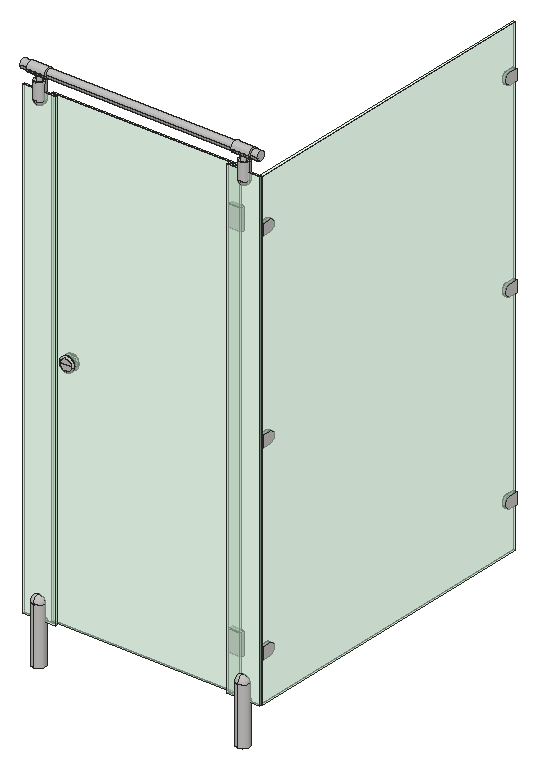
Revit family "NBS_ConceptCubicleSystems_PnlCbclSym_OlympusGlass", category Specialty Equipment, Revit 2019
Family settings
  Round Connector Dimension = Use Diameter
  Part Type = Normal
  Work Plane-Based = No
  Always vertical = Yes
  Cut with Voids When Loaded = No
  Shared = No
  Room Calculation Point = No
Parameters (values of type "MiddleCubicle")
  WarrantyStartDate [instance] = "1900-12-31T23:59:59"
  WarrantyGuarantorParts = "n/a"
  WarrantyGuarantorLabor = "n/a"
  WarrantyDurationUnit = "year"
  WarrantyDurationParts = "n/a"
  WarrantyDurationLabor = "n/a"
  WarrantyDescription = "n/a"
  Version = "2"  # constant formula
  Uniclass2015Version = "Systems v1.17"
  Uniclass2015Title = "Panel cubicle systems"
  Uniclass2015Code = "Ss_25_12_60_60"
  TagNumber [instance] = "n/a"
  SystemManufacturer = "Concept Cubicle Systems"
  SustainabilityPerformance = "n/a"
  SupportHeight [instance] = if(PartitionUndercut < 2 mm, 2 mm, PartitionUndercut)  # 150 mm
  Style = "Cubicle"
  Status = "UNSET"
  Size = "1200 x 1950 mm"
  ShowCubicleLocationLines [instance] = yes
  Shape = "n/a"
  SerialNumber [instance] = "n/a"
  Revision = "n/a"
  ReverseDoorSwing [instance] = no
  ReplacementCost = "n/a"
  Reference = "n/a"
  ProductInformation = "https://www.conceptcubiclesystems.co.uk/leisure/cubicles/olympus-glass-cubicles"
  PilasterWidthLatchSide [instance] = CubicleWidth - ClearOpeningWidth - PilasterWidthHingeSide  # 125 mm
  PilasterRightWidth [instance] = if(HasDoorCentrePosition, (CubicleWidth - ClearOpeningWidth) / 2, if(ReversedDoorSwing, PilasterWidthHingeSide, PilasterWidthLatchSide))  # 125 mm
  PilasterPanelReturnRight = if(HasPilasterPanelReturnRight, GlassThickness / 2, 0 mm)  # 0 mm
  PilasterPanelReturnLeft = if(HasPilasterPanelReturnLeft, GlassThickness / 2, 0 mm)  # 0 mm
  PilasterMaterial = NBS_ConceptCubicleSystems_ToughenedGlass
  PilasterLeftWidth [instance] = if(HasDoorCentrePosition, (CubicleWidth - ClearOpeningWidth) / 2, if(ReverseDoorSwing, PilasterWidthHingeSide, PilasterWidthLatchSide))  # 125 mm
  PartitionMaterial = NBS_ConceptCubicleSystems_ToughenedGlass
  PartitionUndercut [instance] = 150 mm
  Panels = "10 mm toughened glass"
  PanelSupports = "150 mm"
  Name = "PanelCubicleSystem_OlympusGlass_MiddleCubicle_ConceptCubicleSystems"
  NBSReference = "25-05-60/160"
  NBSDescription = "Panel cubicle system"
  NBSCertification = "www.nationalbimlibrary.com/cert/zrjpogql"
  ModelReference = "Olympus Glass Cubicles"
  ModelNumber = "n/a"
  Material = "Toughened glass, stainless steel"
  ManufacturerURL = "www.conceptcubiclesystems.co.uk"
  ManufacturerName = "Concept Cubicle Systems"  # constant formula
  Manufacturer = "sales@conceptcubiclesystems.co.uk"
  MainColor = "n/a"
  IsWallEndEndCubicle = no
  IsBuiltIn = yes
  InstallationDate [instance] = "1900-12-31T23:59:59"
  IfcExportType = "USERDEFINED"  # constant formula
  IfcExportAs = "IfcFurnitureType"  # constant formula
  HasSupportPartitionRight = or(IsSingleCubicle, IsEndCubicle, IsWallEndSingleCubicle)  # no
  HasSupportPartitionLeft = or(IsSingleCubicle, IsFirstCubicle)  # no
  HasRailRight = or(IsEndCubicle, IsWallEndSingleCubicle)  # no
  HasRailFront = or(IsWallEndFirstCubicle, IsWallToWallSingleCubicle, IsMiddleCubicle, IsWallEndEndCubicle)  # yes
  Grade = "n/a"
  GlassThickness = 10 mm  # constant formula
  PilasterUndercut [instance] = 150 mm
  NominalWidth [instance] = CubicleWidth  # 900 mm
  NominalLength [instance] = CubicleWidth  # 900 mm
  NominalHeight [instance] = CubicleHeight  # 1950 mm
  NominalDepth [instance] = CubicleDepth  # 1200 mm
  ReversedDoorSwing [instance] = not(ReverseDoorSwing)  # yes
  IsWallEndSingleCubicle = no
  IsWallEndFirstCubicle = no
  IsSingleCubicle = no
  IsWallToWallSingleCubicle = no
  PilasterWidthHingeSide [instance] = 125 mm
  IsMiddleCubicle = yes
  IsFirstCubicle = no
  IsEndCubicle = no
  HasPilasterPanelReturnRight = or(IsSingleCubicle, IsEndCubicle, IsWallEndSingleCubicle)  # no
  HasPilasterPanelReturnLeft = or(IsSingleCubicle, IsFirstCubicle)  # no
  HasPartitionRight = not(or(IsWallToWallSingleCubicle, IsWallEndEndCubicle))  # yes
  HasPartitionLeft = or(IsSingleCubicle, IsFirstCubicle)  # no
  HasFittingsRight = or(IsWallToWallSingleCubicle, IsWallEndEndCubicle)  # no
  HasFittingsLeft = or(IsWallToWallSingleCubicle, IsWallEndSingleCubicle, IsWallEndFirstCubicle)  # no
  HasDoorCentrePosition [instance] = yes
  Fittings = "Marine grade stainless steel"
  FittingOffset [instance] = if(PartitionUndercut > PilasterUndercut, PartitionUndercut + 180 mm, PilasterUndercut + 180 mm)  # 330 mm
  FittingMaterial = NBS_ConceptCubicleSystems_MarineGradeStainlessSteel
  Finish = "n/a"
  Features = "Polished edges, use of materials will help cope with the demands of high use shower facilities"
  ExpectedLife = "n/a"
  DurationUnit = "year"
  DoorSwing [instance] = ClearOpeningWidth + 75.5 mm + GlassThickness / 2  # 730.5 mm
  DoorLeafMaterial = NBS_ConceptCubicleSystems_ToughenedGlass
  DoorLeafHeight [instance] = CubicleHeight - DoorLeafUndercut  # 1800 mm
  DoorLeafUndercut [instance] = 150 mm
  Description = "Olmypus glass cubicles"
  CubicleWidth [instance] = 900 mm
  CubicleHeight [instance] = 1950 mm
  CubicleDepth [instance] = 1200 mm
  Constituents = "n/a"
  Color = "n/a"
  CodePerformance = "n/a"
  ClearOpeningWidth [instance] = 650 mm
  ClearOpeningHeight [instance] = CubicleHeight + 53 mm  # 2003 mm
  Category = "Ss_25_12_60_60:Panel cubicle systems"
  BarCode [instance] = "n/a"
  BIMObjectName = "NBS_ConceptCubicleSystems_PanelCubicleSystem_OlympusGlass_MiddleCubicle"
  Author = "NBS"  # constant formula
  AssetType = "Fixed"
  AssetIdentifier [instance] = "n/a"
  Application = "Shower facilities in golf clubs, spas, health clubs and leisure centres"
  AccessibilityPerformance = "n/a"
Types (9, lengths in mm): name | ShowCubicleLocationLines | PilasterPanelReturnRight | PilasterPanelReturnLeft | Name | IsWallEndEndCubicle | HasSupportPartitionRight | HasSupportPartitionLeft | HasRailRight | HasRailFront | IsWallEndSingleCubicle | IsWallEndFirstCubicle | IsSingleCubicle | IsWallToWallSingleCubicle | IsMiddleCubicle | IsFirstCubicle | IsEndCubicle | HasPilasterPanelReturnRight | HasPilasterPanelReturnLeft | HasPartitionRight | HasPartitionLeft | HasFittingsRight | HasFittingsLeft | BIMObjectName
  (no name) | no | 5 | 5 | "PanelCubicleSystem_OlympusGlass_SingleCubicle_ConceptCubicleSystems" | no | yes | yes | no | no | no | no | yes | no | no | no | no | yes | yes | yes | yes | no | no | "NBS_ConceptCubicleSystems_PanelCubicleSystem_OlympusGlass_SingleCubicle"
  SingleCubicle | no | 5 | 5 | "PanelCubicleSystem_OlympusGlass_SingleCubicle_ConceptCubicleSystems" | no | yes | yes | no | no | no | no | yes | no | no | no | no | yes | yes | yes | yes | no | no | "NBS_ConceptCubicleSystems_PanelCubicleSystem_OlympusGlass_SingleCubicle"
  WallToWallSingleCubicle | yes | 0 | 0 | "PanelCubicleSystem_OlympusGlass_WallToWallSingleCubicle_ConceptCubicleSystems" | no | no | no | no | yes | no | no | no | yes | no | no | no | no | no | no | no | yes | yes | "NBS_ConceptCubicleSystems_PanelCubicleSystem_OlympusGlass_WallToWallSingleCubicle"
  EndCubicle | yes | 5 | 0 | "PanelCubicleSystem_OlympusGlass_EndCubicle_ConceptCubicleSystems" | no | yes | no | yes | no | no | no | no | no | no | no | yes | yes | no | yes | no | no | no | "NBS_ConceptCubicleSystems_PanelCubicleSystem_OlympusGlass_EndCubicle"
  FirstCubicle | yes | 0 | 5 | "PanelCubicleSystem_OlympusGlass_FirstCubicle_ConceptCubicleSystems" | no | no | yes | no | no | no | no | no | no | no | yes | no | no | yes | yes | yes | no | no | "NBS_ConceptCubicleSystems_PanelCubicleSystem_OlympusGlass_FirstCubicle"
  WallEndFirstCubicle | yes | 0 | 0 | "PanelCubicleSystem_OlympusGlass_WallEndFirstCubicle_ConceptCubicleSystems" | no | no | no | no | yes | no | yes | no | no | no | no | no | no | no | yes | no | no | yes | "NBS_ConceptCubicleSystems_PanelCubicleSystem_OlympusGlass_WallEndFirstCubicle"
  WallEndSingleCubicle | yes | 5 | 0 | "PanelCubicleSystem_OlympusGlass_WallEndSingleCubicle_ConceptCubicleSystems" | no | yes | no | yes | no | yes | no | no | no | no | no | no | yes | no | yes | no | no | yes | "NBS_ConceptCubicleSystems_PanelCubicleSystem_OlympusGlass_WallEndSingleCubicle"
  MiddleCubicle | yes | 0 | 0 | "PanelCubicleSystem_OlympusGlass_MiddleCubicle_ConceptCubicleSystems" | no | no | no | no | yes | no | no | no | no | yes | no | no | no | no | yes | no | no | no | "NBS_ConceptCubicleSystems_PanelCubicleSystem_OlympusGlass_MiddleCubicle"
  WallEndEndCubicle | yes | 0 | 0 | "PanelCubicleSystem_OlympusGlass_WallEndEndCubicle_ConceptCubicleSystems" | yes | no | no | no | yes | no | no | no | no | no | no | no | no | no | no | no | yes | no | "NBS_ConceptCubicleSystems_PanelCubicleSystem_OlympusGlass_WallEndEndCubicle"
Reference planes
  plane 1 "Back": y = 0
  plane 2: z = 0
  plane 3 "Center (Left/Right)": x = 0
  plane 4 "Front": y = -1210
  plane 5 "PilasterBack": y = -1200
  plane 6 "CubicleLeft": x = -450
  plane 7 "CubicleRight": x = 450
  plane 8 "LeftPartitionExternal": x = -455
  plane 9 "LeftPartitionInternal": x = -445
  plane 10 "RightPartitionExternal": x = 455
  plane 11 "RightPartitionInternal": x = 445
  plane 12 "ClearOpeningLeft": x = -325
  plane 13 "ClearOpeningRight": x = 325
  plane 14 "PilasterLeft": x = -450
  plane 15 "PilasterRight": x = 450
  plane 16 "DoorSwing": y = -474.5
  plane 17 "PilasterCentre": y = -1205
  plane 18 "Top": z = 1950
  plane 19: z = 1770
  plane 20 "PartitionFitting": z = 330
  plane 21: z = 1050
  plane 22 "PartitionElevation": z = 150
  plane 23 "Left": x = -450
  plane 24 "Right": x = 450
  plane 25 "PilasterElevation": z = 150
  plane 26 "PilasterFitting": z = 330
  plane 27 "Fitting": z = 330
  plane 28: x = -387.5
  plane 29: x = 387.5
  plane 30: y = -950
  plane 31: y = -200
  plane 32 "Rail": z = 2019
Forms (mm)
  Extrusion 1, solid, material "NBS_ConceptCubicleSystems_ToughenedGlass" <- "PartitionMaterial", visible <- "HasPartitionLeft", detail levels medium+fine
    sketch origin (0, 0, 0) x (1, 0, 0) y (0, 1, 0)
      loop
        line (-455, 0) -> (-455, -1200) -> (-445, -1200) -> (-445, 0) -> (-455, 0)
    from 150 to 1950
  Extrusion 2, solid, material "NBS_ConceptCubicleSystems_ToughenedGlass" <- "PartitionMaterial", visible <- "HasPartitionRight", detail levels medium+fine
    sketch origin (0, 0, 0) x (1, 0, 0) y (0, 1, 0)
      loop
        line (445, 0) -> (445, -1200) -> (455, -1200) -> (455, 0) -> (445, 0)
    from 150 to 1950
  Extrusion 3, solid, material "NBS_ConceptCubicleSystems_ToughenedGlass" <- "PilasterMaterial", detail levels medium+fine
    sketch origin (0, 0, 0) x (1, 0, 0) y (0, 1, 0)
      loop
        line (-450, -1200) -> (-450, -1210) -> (-325, -1210) -> (-325, -1200) -> (-450, -1200)
    from 150 to 1950
  Extrusion 4, solid, material "NBS_ConceptCubicleSystems_ToughenedGlass" <- "PilasterMaterial", detail levels medium+fine
    sketch origin (0, 0, 0) x (1, 0, 0) y (0, 1, 0)
      loop
        line (325, -1200) -> (325, -1210) -> (450, -1210) -> (450, -1200) -> (325, -1200)
    from 150 to 1950
  Extrusion 5, solid, material "NBS_ConceptCubicleSystems_ToughenedGlass" <- "PartitionMaterial", visible <- "HasPartitionLeft", detail levels coarse
    sketch origin (0, 0, 0) x (1, 0, 0) y (0, 1, 0)
      loop
        line (-455, 0) -> (-455, -1200) -> (-445, -1200) -> (-445, 0) -> (-455, 0)
    from 150 to 1950
  Extrusion 6, solid, material "NBS_ConceptCubicleSystems_ToughenedGlass" <- "PartitionMaterial", visible <- "HasPartitionRight", detail levels coarse
    sketch origin (0, 0, 0) x (1, 0, 0) y (0, 1, 0)
      loop
        line (445, 0) -> (445, -1200) -> (455, -1200) -> (455, 0) -> (445, 0)
    from 150 to 1950
  Extrusion 7, solid, material "NBS_ConceptCubicleSystems_ToughenedGlass" <- "PilasterMaterial", detail levels coarse
    sketch origin (0, 0, 0) x (1, 0, 0) y (0, 1, 0)
      loop
        line (-450, -1200) -> (-450, -1210) -> (-325, -1210) -> (-325, -1200) -> (-450, -1200)
    from 150 to 1950
  Extrusion 8, solid, material "NBS_ConceptCubicleSystems_ToughenedGlass" <- "PilasterMaterial", detail levels coarse
    sketch origin (0, 0, 0) x (1, 0, 0) y (0, 1, 0)
      loop
        line (325, -1200) -> (325, -1210) -> (450, -1210) -> (450, -1200) -> (325, -1200)
    from 150 to 1950
  Sweep 9, solid, material "NBS_ConceptCubicleSystems_MarineGradeStainlessSteel" <- "FittingMaterial", visible <- "IsSingleCubicle"
    path origin (0, 0, 2019) x (0, 1, 0) y (-1, 0, 0)
      loop
        line (0, 450) -> (-1185, 450)
        arc (-1185, 450) -> (-1199.142, 444.142) -> (-1205, 430) r 20
        line (-1205, 430) -> (-1205, -430)
        arc (-1205, -430) -> (-1199.142, -444.142) -> (-1185, -450) r 20
        line (-1185, -450) -> (0, -450)
    profile origin (-450, -592.5, 2019) x (1, 0, 0) y (0, 0, 1)
      loop
        circle (0, 0) r 16
  Sweep 10, solid, material "NBS_ConceptCubicleSystems_MarineGradeStainlessSteel" <- "FittingMaterial", visible <- "IsFirstCubicle"
    path origin (0, 0, 2019) x (0, 1, 0) y (-1, 0, 0)
      loop
        line (0, 450) -> (-1185, 450)
        arc (-1185, 450) -> (-1199.142, 444.142) -> (-1205, 430) r 20
        line (-1205, 430) -> (-1205, -450)
    profile origin (-450, -592.5, 2019) x (1, 0, 0) y (0, 0, 1)
      loop
        circle (0, 0) r 16
  Sweep 11, solid, material "NBS_ConceptCubicleSystems_MarineGradeStainlessSteel" <- "FittingMaterial", visible <- "HasRailRight"
    path origin (0, 0, 2019) x (0, 1, 0) y (-1, 0, 0)
      loop
        line (0, -450) -> (-1185, -450)
        arc (-1185, -450) -> (-1199.142, -444.142) -> (-1205, -430) r 20
        line (-1205, -430) -> (-1205, 450)
    profile origin (450, -592.5, 2019) x (1, 0, 0) y (0, 0, 1)
      loop
        circle (0, 0) r 16
  Extrusion 12, solid, material "NBS_ConceptCubicleSystems_MarineGradeStainlessSteel" <- "FittingMaterial", visible <- "HasRailFront"
    sketch origin (0, 0, 0) x (0, 1, 0) y (0, 0, 1)
      loop
        circle (-1205, 2019) r 16
    from -450 to 450
Lines and regions (mm)
  symbolic lines, visible <- "HasPartitionLeft", detail levels coarse
    curve 1: line (-450, 0, 0) -> (-450, -1200, 0)
  symbolic lines, detail levels coarse
    curve 2: line (-325, -1200, 0) -> (-450, -1200, 0)
    curve 3: line (325, -1200, 0) -> (450, -1200, 0)
  symbolic lines, visible <- "HasPartitionRight", detail levels coarse
    curve 4: line (450, -1200, 0) -> (450, 0, 0)
  symbolic lines, style "SpecialityEquipmentHiddenLines", visible <- "ShowCubicleLocationLines"
    curve 5: line (450, -1200, 0) -> (450, 0, 0)
    curve 6: line (-450, 0, 0) -> (-450, -1200, 0)
Dimensions and locks
  "GlassThickness": plane 5 "PilasterBack" to plane 4 "Front"
  "CubicleDepth": plane 5 "PilasterBack" to plane 1 "Back"
  equal spacing: plane 6 "CubicleLeft", plane 3 "Center (Left/Right)", plane 7 "CubicleRight"
  "CubicleWidth": plane 6 "CubicleLeft" to plane 7 "CubicleRight"
  equal spacing: plane 8 "LeftPartitionExternal", plane 6 "CubicleLeft", plane 9 "LeftPartitionInternal"
  "GlassThickness": plane 8 "LeftPartitionExternal" to plane 9 "LeftPartitionInternal"
  equal spacing: plane 11 "RightPartitionInternal", plane 7 "CubicleRight", plane 10 "RightPartitionExternal"
  "GlassThickness": plane 11 "RightPartitionInternal" to plane 10 "RightPartitionExternal"
  equal spacing: plane 5 "PilasterBack", plane 17 "PilasterCentre", plane 4 "Front"
  "CubicleHeight": plane 18 "Top" to level
  locked: plane 18 "Top" to plane 19 at 180
  "PartitionUndercut": plane 22 "PartitionElevation" to level
  locked: plane 20 "PartitionFitting" to plane 22 "PartitionElevation" at 180
  equal spacing: plane 18 "Top", plane 21, plane 22 "PartitionElevation"
  "PilasterRightWidth": plane 13 "ClearOpeningRight" to plane 7 "CubicleRight"
  "PilasterLeftWidth": plane 6 "CubicleLeft" to plane 12 "ClearOpeningLeft"
  "PilasterPanelReturnLeft": plane 14 "PilasterLeft" to plane 6 "CubicleLeft"
  "PilasterPanelReturnRight": plane 7 "CubicleRight" to plane 15 "PilasterRight"
  "PilasterUndercut": plane 25 "PilasterElevation" to level
  locked: plane 26 "PilasterFitting" to plane 25 "PilasterElevation" at 180
  "FittingOffset": plane 27 "Fitting" to level
  "DoorSwing": plane 16 "DoorSwing" to plane 17 "PilasterCentre"
  equal spacing: plane 6 "CubicleLeft", plane 28, plane 12 "ClearOpeningLeft"
  equal spacing: plane 13 "ClearOpeningRight", plane 29, plane 7 "CubicleRight"
  locked: plane 31 to plane 1 "Back" at 200
  locked: plane 30 to plane 5 "PilasterBack" at 250
  locked: plane 32 "Rail" to plane 18 "Top" at 69
  locked: Sweep 9 sketch curve to plane 17 "PilasterCentre" at 20  (x2)
  locked: Sweep 9 sketch curve to plane 7 "CubicleRight" at 20
  locked: plane 6 "CubicleLeft" to Sweep 9 sketch curve at 20
  locked: Sweep 10 sketch curve to plane 17 "PilasterCentre" at 20
  locked: plane 6 "CubicleLeft" to Sweep 10 sketch curve at 20
  locked: Sweep 11 sketch curve to plane 7 "CubicleRight" at 20
  locked: Sweep 11 sketch curve to plane 17 "PilasterCentre" at 20
  locked: Extrusion 12 sketch curve to plane 32 "Rail" at 16
  aligned and locked: level to plane 2
  aligned and locked: Extrusion 1 sketch curve to plane 8 "LeftPartitionExternal"
  aligned and locked: plane 9 "LeftPartitionInternal" to Extrusion 1 sketch curve
  aligned and locked: Extrusion 2 sketch curve to plane 11 "RightPartitionInternal"
  aligned and locked: plane 10 "RightPartitionExternal" to Extrusion 2 sketch curve
  aligned and locked: Extrusion 3 sketch curve to plane 14 "PilasterLeft"
  aligned and locked: Extrusion 3 sketch curve to plane 12 "ClearOpeningLeft"
  aligned and locked: Extrusion 3 sketch curve to plane 4 "Front"
  aligned and locked: Extrusion 3 sketch curve to plane 5 "PilasterBack"
  aligned and locked: Extrusion 4 sketch curve to plane 13 "ClearOpeningRight"
  aligned and locked: Extrusion 4 sketch curve to plane 15 "PilasterRight"
  aligned and locked: Extrusion 4 sketch curve to plane 5 "PilasterBack"
  aligned and locked: Extrusion 4 sketch curve to plane 4 "Front"
  aligned and locked: nested 1 to plane 13 "ClearOpeningRight"
  aligned and locked: nested 2 to plane 12 "ClearOpeningLeft"
  aligned and locked: plane 5 "PilasterBack" to nested 2
  aligned and locked: plane 18 "Top" to Extrusion 1
  aligned and locked: plane 18 "Top" to Extrusion 2
  aligned and locked: plane 18 "Top" to Extrusion 3
  aligned and locked: plane 18 "Top" to Extrusion 4
  aligned and locked: plane 1 "Back" to Extrusion 1 sketch curve
  aligned and locked: Extrusion 1 sketch curve to plane 5 "PilasterBack"
  aligned and locked: Extrusion 2 sketch curve to plane 5 "PilasterBack"
  aligned and locked: plane 1 "Back" to Extrusion 2 sketch curve
  aligned and locked: plane 1 "Back" to nested 3
  aligned and locked: plane 1 "Back" to nested 4
  aligned and locked: plane 1 "Back" to nested 5
  aligned and locked: plane 6 "CubicleLeft" to nested 5
  aligned and locked: plane 6 "CubicleLeft" to nested 4
  aligned and locked: plane 6 "CubicleLeft" to nested 3
  aligned and locked: plane 1 "Back" to nested 6
  aligned and locked: plane 1 "Back" to nested 7
  aligned and locked: plane 1 "Back" to nested 8
  aligned and locked: nested 6 to plane 7 "CubicleRight"
  aligned and locked: nested 7 to plane 7 "CubicleRight"
  aligned and locked: nested 8 to plane 7 "CubicleRight"
  aligned and locked: plane 5 "PilasterBack" to nested 9
  aligned and locked: plane 5 "PilasterBack" to nested 10
  aligned and locked: plane 5 "PilasterBack" to nested 11
  aligned and locked: plane 7 "CubicleRight" to nested 9
  aligned and locked: plane 7 "CubicleRight" to nested 10
  aligned and locked: plane 7 "CubicleRight" to nested 11
  aligned and locked: plane 5 "PilasterBack" to nested 15
  aligned and locked: plane 5 "PilasterBack" to nested 16
  aligned and locked: plane 5 "PilasterBack" to nested 17
  aligned and locked: nested 15 to plane 6 "CubicleLeft"
  aligned and locked: nested 16 to plane 6 "CubicleLeft"
  aligned and locked: nested 17 to plane 6 "CubicleLeft"
  aligned and locked: nested 14 to plane 17 "PilasterCentre"
  aligned and locked: nested 13 to plane 17 "PilasterCentre"
  aligned and locked: nested 12 to plane 17 "PilasterCentre"
  aligned and locked: nested 14 to plane 15 "PilasterRight"
  aligned and locked: nested 13 to plane 15 "PilasterRight"
  aligned and locked: nested 12 to plane 15 "PilasterRight"
  aligned and locked: plane 19 to nested 5
  aligned and locked: plane 19 to nested 17
  aligned and locked: plane 19 to nested 14
  aligned and locked: plane 20 "PartitionFitting" to nested 4
  aligned and locked: plane 21 to nested 3
  aligned and locked: plane 21 to nested 15
  aligned and locked: plane 21 to nested 12
  aligned and locked: plane 19 to nested 11
  aligned and locked: plane 21 to nested 10
  aligned and locked: plane 19 to nested 8
  aligned and locked: plane 21 to nested 7
  aligned and locked: plane 20 "PartitionFitting" to nested 6
  aligned and locked: Extrusion 5 sketch curve to plane 8 "LeftPartitionExternal"
  aligned and locked: plane 9 "LeftPartitionInternal" to Extrusion 5 sketch curve
  aligned and locked: Extrusion 5 sketch curve to plane 1 "Back"
  aligned and locked: Extrusion 5 sketch curve to plane 5 "PilasterBack"
  aligned and locked: Extrusion 6 sketch curve to plane 11 "RightPartitionInternal"
  aligned and locked: plane 10 "RightPartitionExternal" to Extrusion 6 sketch curve
  aligned and locked: Extrusion 6 sketch curve to plane 1 "Back"
  aligned and locked: Extrusion 6 sketch curve to plane 5 "PilasterBack"
  aligned and locked: Extrusion 7 sketch curve to plane 5 "PilasterBack"
  aligned and locked: Extrusion 7 sketch curve to plane 4 "Front"
  aligned and locked: Extrusion 7 sketch curve to plane 14 "PilasterLeft"
  aligned and locked: Extrusion 7 sketch curve to plane 12 "ClearOpeningLeft"
  aligned and locked: Extrusion 8 sketch curve to plane 13 "ClearOpeningRight"
  aligned and locked: Extrusion 8 sketch curve to plane 15 "PilasterRight"
  aligned and locked: Extrusion 8 sketch curve to plane 5 "PilasterBack"
  aligned and locked: Extrusion 8 sketch curve to plane 4 "Front"
  aligned and locked: plane 18 "Top" to Extrusion 5
  aligned and locked: plane 18 "Top" to Extrusion 6
  aligned and locked: plane 18 "Top" to Extrusion 7
  aligned and locked: plane 18 "Top" to Extrusion 8
  aligned and locked: plane 1 "Back" to curve 4
  aligned and locked: curve 3 to plane 5 "PilasterBack"
  aligned and locked: curve 3 to plane 13 "ClearOpeningRight"
  aligned and locked: plane 12 "ClearOpeningLeft" to curve 2
  aligned and locked: plane 5 "PilasterBack" to curve 2
  aligned and locked: curve 1 to plane 6 "CubicleLeft"
  aligned and locked: plane 17 "PilasterCentre" to nested 20
  aligned and locked: plane 17 "PilasterCentre" to nested 19
  aligned and locked: plane 17 "PilasterCentre" to nested 18
  aligned and locked: plane 14 "PilasterLeft" to nested 20
  aligned and locked: plane 14 "PilasterLeft" to nested 18
  aligned and locked: plane 14 "PilasterLeft" to nested 19
  aligned and locked: plane 19 to nested 20
  aligned and locked: plane 21 to nested 19
  aligned and locked: nested 1 to plane 5 "PilasterBack"
  aligned and locked: plane 23 "Left" to plane 6 "CubicleLeft"
  aligned and locked: plane 24 "Right" to plane 7 "CubicleRight"
  aligned and locked: curve 5 to plane 7 "CubicleRight"
  aligned and locked: plane 1 "Back" to curve 5
  aligned and locked: plane 5 "PilasterBack" to curve 5
  aligned and locked: curve 6 to plane 6 "CubicleLeft"
  aligned and locked: plane 1 "Back" to curve 6
  aligned and locked: plane 5 "PilasterBack" to curve 6
  aligned and locked: plane 6 "CubicleLeft" to curve 2
  aligned and locked: Extrusion 2 to plane 22 "PartitionElevation"
  aligned and locked: Extrusion 1 to plane 22 "PartitionElevation"
  aligned and locked: Extrusion 5 to plane 22 "PartitionElevation"
  aligned and locked: Extrusion 6 to plane 22 "PartitionElevation"
  aligned and locked: Extrusion 8 to plane 25 "PilasterElevation"
  aligned and locked: Extrusion 4 to plane 25 "PilasterElevation"
  aligned and locked: Extrusion 7 to plane 25 "PilasterElevation"
  aligned and locked: Extrusion 3 to plane 25 "PilasterElevation"
  aligned and locked: plane 26 "PilasterFitting" to nested 18
  aligned and locked: plane 26 "PilasterFitting" to nested 13
  aligned and locked: plane 27 "Fitting" to nested 16
  aligned and locked: plane 27 "Fitting" to nested 9
  aligned and locked: plane 4 "Front" to nested 21
  aligned and locked: plane 4 "Front" to nested 22
  aligned and locked: plane 28 to nested 21
  aligned and locked: nested 22 to plane 29
  aligned and locked: plane 8 "LeftPartitionExternal" to nested 24
  aligned and locked: plane 8 "LeftPartitionExternal" to nested 23
  aligned and locked: nested 26 to plane 10 "RightPartitionExternal"
  aligned and locked: nested 25 to plane 10 "RightPartitionExternal"
  aligned and locked: nested 24 to plane 31
  aligned and locked: plane 31 to nested 26
  aligned and locked: nested 23 to plane 30
  aligned and locked: plane 30 to nested 25
  aligned and locked: plane 28 to nested 27
  aligned and locked: nested 28 to plane 29
  aligned and locked: plane 30 to nested 29
  aligned and locked: plane 31 to nested 30
  aligned and locked: plane 31 to nested 32
  aligned and locked: plane 30 to nested 31
  aligned and locked: nested 27 to plane 17 "PilasterCentre"
  aligned and locked: nested 28 to plane 17 "PilasterCentre"
  aligned and locked: nested 29 to plane 7 "CubicleRight"
  aligned and locked: nested 30 to plane 7 "CubicleRight"
  aligned and locked: plane 6 "CubicleLeft" to nested 32
  aligned and locked: plane 6 "CubicleLeft" to nested 31
  aligned and locked: plane 32 "Rail" to nested 29
  aligned and locked: plane 32 "Rail" to nested 30
  aligned and locked: plane 32 "Rail" to nested 28
  aligned and locked: plane 32 "Rail" to nested 27
  aligned and locked: plane 32 "Rail" to nested 31
  aligned and locked: plane 32 "Rail" to nested 32
  aligned and locked: Sweep 9 sketch curve to plane 6 "CubicleLeft"
  aligned and locked: plane 7 "CubicleRight" to Sweep 9 sketch curve
  aligned and locked: Sweep 9 sketch curve to plane 17 "PilasterCentre"
  aligned and locked: plane 1 "Back" to Sweep 9 sketch curve  (x2)
  aligned and locked: Sweep 10 sketch curve to plane 6 "CubicleLeft"
  aligned and locked: Sweep 10 sketch curve to plane 17 "PilasterCentre"
  aligned and locked: plane 7 "CubicleRight" to Sweep 10 sketch curve
  aligned and locked: plane 1 "Back" to Sweep 10 sketch curve
  aligned and locked: plane 7 "CubicleRight" to Sweep 11 sketch curve
  aligned and locked: Sweep 11 sketch curve to plane 17 "PilasterCentre"
  aligned and locked: plane 1 "Back" to Sweep 11 sketch curve
  aligned and locked: plane 6 "CubicleLeft" to Sweep 11 sketch curve
  aligned and locked: plane 32 "Rail" to Extrusion 12 sketch curve
  aligned and locked: plane 17 "PilasterCentre" to Extrusion 12 sketch curve
  aligned and locked: Extrusion 12 to plane 7 "CubicleRight"
  aligned and locked: Extrusion 12 to plane 6 "CubicleLeft"
Automatic sketch dimensions
  plane 1 "Back" to curve 1 = 0 mm
  Sweep 9 sketch curve to plane 32 "Rail" = 0 mm
  profile plane to Sweep 9 sketch curve = 0 mm
  Sweep 10 sketch curve to plane 32 "Rail" = 0 mm
  profile plane to Sweep 10 sketch curve = 0 mm
  Sweep 11 sketch curve to plane 32 "Rail" = 0 mm
  profile plane to Sweep 11 sketch curve = 0 mm
  radius of Sweep 9 sketch curve = 16 mm
  radius of Sweep 10 sketch curve = 16 mm
  radius of Sweep 11 sketch curve = 16 mm
Nested families
  nested 1: "NBS_ConceptCubicleSystems_PnlCbclSym_OlympusGlass_DoorLeaf" at (0, -1200, 0), visible <- "ReversedDoorSwing", type "Door"
  nested 2: "NBS_ConceptCubicleSystems_PnlCbclSym_OlympusGlass_DoorLeaf" at (0, -1200, 0) x (-1, 0, 0) z (0, 0, 1), visible <- "ReverseDoorSwing", type "Door"
  nested 3: "NBS_ConceptCubicleSystems_PnlCbclSym_Fitting_Glass" at (-450, 0, 1050), visible <- "HasPartitionLeft", type "NBS_ConceptCubicleSystems_PnlCbclSym_Fitting_Glass", detail levels fine
  nested 4: "NBS_ConceptCubicleSystems_PnlCbclSym_Fitting_Glass" at (-450, 0, 330), visible <- "HasPartitionLeft", type "NBS_ConceptCubicleSystems_PnlCbclSym_Fitting_Glass", detail levels fine
  nested 5: "NBS_ConceptCubicleSystems_PnlCbclSym_Fitting_Glass" at (-450, 0, 1770), visible <- "HasPartitionLeft", type "NBS_ConceptCubicleSystems_PnlCbclSym_Fitting_Glass", detail levels fine
  nested 6: "NBS_ConceptCubicleSystems_PnlCbclSym_Fitting_Glass" at (450, 0, 330), visible <- "HasPartitionRight", type "NBS_ConceptCubicleSystems_PnlCbclSym_Fitting_Glass", detail levels fine
  nested 7: "NBS_ConceptCubicleSystems_PnlCbclSym_Fitting_Glass" at (450, 0, 1050), visible <- "HasPartitionRight", type "NBS_ConceptCubicleSystems_PnlCbclSym_Fitting_Glass", detail levels fine
  nested 8: "NBS_ConceptCubicleSystems_PnlCbclSym_Fitting_Glass" at (450, 0, 1770), visible <- "HasPartitionRight", type "NBS_ConceptCubicleSystems_PnlCbclSym_Fitting_Glass", detail levels fine
  nested 9: "NBS_ConceptCubicleSystems_PnlCbclSym_Fitting_Glass" at (450, -1200, 330) x (-1, 0, 0) z (0, 0, 1), visible <- "HasPartitionRight", type "NBS_ConceptCubicleSystems_PnlCbclSym_Fitting_Glass", detail levels fine
  nested 10: "NBS_ConceptCubicleSystems_PnlCbclSym_Fitting_Glass" at (450, -1200, 1050) x (-1, 0, 0) z (0, 0, 1), visible <- "HasPartitionRight", type "NBS_ConceptCubicleSystems_PnlCbclSym_Fitting_Glass", detail levels fine
  nested 11: "NBS_ConceptCubicleSystems_PnlCbclSym_Fitting_Glass" at (450, -1200, 1770) x (-1, 0, 0) z (0, 0, 1), visible <- "HasPartitionRight", type "NBS_ConceptCubicleSystems_PnlCbclSym_Fitting_Glass", detail levels fine
  nested 12: "NBS_ConceptCubicleSystems_PnlCbclSym_Fitting_Glass" at (450, -1205, 1050) x (0, -1, 0) z (0, 0, 1), visible <- "HasFittingsRight", type "NBS_ConceptCubicleSystems_PnlCbclSym_Fitting_Glass", detail levels fine
  nested 13: "NBS_ConceptCubicleSystems_PnlCbclSym_Fitting_Glass" at (450, -1205, 330) x (0, -1, 0) z (0, 0, 1), visible <- "HasFittingsRight", type "NBS_ConceptCubicleSystems_PnlCbclSym_Fitting_Glass", detail levels fine
  nested 14: "NBS_ConceptCubicleSystems_PnlCbclSym_Fitting_Glass" at (450, -1205, 1770) x (0, -1, 0) z (0, 0, 1), visible <- "HasFittingsRight", type "NBS_ConceptCubicleSystems_PnlCbclSym_Fitting_Glass", detail levels fine
  nested 15: "NBS_ConceptCubicleSystems_PnlCbclSym_Fitting_Glass" at (-450, -1200, 1050) x (-1, 0, 0) z (0, 0, 1), visible <- "HasPartitionLeft", type "NBS_ConceptCubicleSystems_PnlCbclSym_Fitting_Glass", detail levels fine
  nested 16: "NBS_ConceptCubicleSystems_PnlCbclSym_Fitting_Glass" at (-450, -1200, 330) x (-1, 0, 0) z (0, 0, 1), visible <- "HasPartitionLeft", type "NBS_ConceptCubicleSystems_PnlCbclSym_Fitting_Glass", detail levels fine
  nested 17: "NBS_ConceptCubicleSystems_PnlCbclSym_Fitting_Glass" at (-450, -1200, 1770) x (-1, 0, 0) z (0, 0, 1), visible <- "HasPartitionLeft", type "NBS_ConceptCubicleSystems_PnlCbclSym_Fitting_Glass", detail levels fine
  nested 18: "NBS_ConceptCubicleSystems_PnlCbclSym_Fitting_Glass" at (-450, -1205, 330) x (0, 1, 0) z (0, 0, 1), visible <- "HasFittingsLeft", type "NBS_ConceptCubicleSystems_PnlCbclSym_Fitting_Glass", detail levels fine
  nested 19: "NBS_ConceptCubicleSystems_PnlCbclSym_Fitting_Glass" at (-450, -1205, 1050) x (0, 1, 0) z (0, 0, 1), visible <- "HasFittingsLeft", type "NBS_ConceptCubicleSystems_PnlCbclSym_Fitting_Glass", detail levels fine
  nested 20: "NBS_ConceptCubicleSystems_PnlCbclSym_Fitting_Glass" at (-450, -1205, 1770) x (0, 1, 0) z (0, 0, 1), visible <- "HasFittingsLeft", type "NBS_ConceptCubicleSystems_PnlCbclSym_Fitting_Glass", detail levels fine
  nested 21: "NBS_ConceptCubicleSystems_PnlCbclSym_OlympusGlass_Leg" at (-387.5, -1210, 0) x (0, 1, 0) z (0, 0, 1), LegHeight <- "PilasterUndercut", type "NBS_ConceptCubicleSystems_PnlCbclSym_OlympusGlass_Leg"
  nested 22: "NBS_ConceptCubicleSystems_PnlCbclSym_OlympusGlass_Leg" at (387.5, -1210, 0) x (0, 1, 0) z (0, 0, 1), LegHeight <- "PilasterUndercut", type "NBS_ConceptCubicleSystems_PnlCbclSym_OlympusGlass_Leg"
  nested 23: "NBS_ConceptCubicleSystems_PnlCbclSym_OlympusGlass_Leg" at (-455, -950, 0), LegHeight <- "PartitionUndercut", visible <- "HasSupportPartitionLeft", type "NBS_ConceptCubicleSystems_PnlCbclSym_OlympusGlass_Leg"
    with LegHeight 150 mm
  nested 24: "NBS_ConceptCubicleSystems_PnlCbclSym_OlympusGlass_Leg" at (-455, -200, 0), LegHeight <- "PartitionUndercut", visible <- "HasSupportPartitionLeft", type "NBS_ConceptCubicleSystems_PnlCbclSym_OlympusGlass_Leg"
    with LegHeight 150 mm
  nested 25: "NBS_ConceptCubicleSystems_PnlCbclSym_OlympusGlass_Leg" at (455, -950, 0) x (-1, 0, 0) z (0, 0, 1), LegHeight <- "PartitionUndercut", visible <- "HasSupportPartitionRight", type "NBS_ConceptCubicleSystems_PnlCbclSym_OlympusGlass_Leg"
    with LegHeight 150 mm
  nested 26: "NBS_ConceptCubicleSystems_PnlCbclSym_OlympusGlass_Leg" at (455, -200, 0) x (-1, 0, 0) z (0, 0, 1), LegHeight <- "PartitionUndercut", visible <- "HasSupportPartitionRight", type "NBS_ConceptCubicleSystems_PnlCbclSym_OlympusGlass_Leg"
    with LegHeight 150 mm
  nested 27: "NBS_ConceptCubicleSystems_PnlCbclSym_OlympusGlass_RailFitting" at (-387.5, -1205, 2019), type "NBS_ConceptCubicleSystems_PnlCbclSym_OlympusGlass_RailFitting"
  nested 28: "NBS_ConceptCubicleSystems_PnlCbclSym_OlympusGlass_RailFitting" at (387.5, -1205, 2019), type "NBS_ConceptCubicleSystems_PnlCbclSym_OlympusGlass_RailFitting"
  nested 29: "NBS_ConceptCubicleSystems_PnlCbclSym_OlympusGlass_RailFitting" at (450, -950, 2019) x (0, 1, 0) z (0, 0, 1), visible <- "HasSupportPartitionRight", type "NBS_ConceptCubicleSystems_PnlCbclSym_OlympusGlass_RailFitting"
  nested 30: "NBS_ConceptCubicleSystems_PnlCbclSym_OlympusGlass_RailFitting" at (450, -200, 2019) x (0, 1, 0) z (0, 0, 1), visible <- "HasSupportPartitionRight", type "NBS_ConceptCubicleSystems_PnlCbclSym_OlympusGlass_RailFitting"
  nested 31: "NBS_ConceptCubicleSystems_PnlCbclSym_OlympusGlass_RailFitting" at (-450, -950, 2019) x (0, 1, 0) z (0, 0, 1), visible <- "HasSupportPartitionLeft", type "NBS_ConceptCubicleSystems_PnlCbclSym_OlympusGlass_RailFitting"
  nested 32: "NBS_ConceptCubicleSystems_PnlCbclSym_OlympusGlass_RailFitting" at (-450, -200, 2019) x (0, 1, 0) z (0, 0, 1), visible <- "HasSupportPartitionLeft", type "NBS_ConceptCubicleSystems_PnlCbclSym_OlympusGlass_RailFitting"
Definition of nested family "NBS_ConceptCubicleSystems_PnlCbclSym_OlympusGlass_DoorLeaf"
  Parameters (values of type "Door")
    FittingMaterial = none
    DoorLeafWidth = ClearOpeningWidth + 61 mm  # 711 mm
    DoorLeafThickness = 10 mm
    DoorLeafOffset = 5 mm  # constant formula
    DoorLeafMaterial = none
    DoorLeafHeight = 1800 mm
    DoorLeafElevation = 150 mm
    ClearOpeningWidth = 650 mm
  Reference planes
    plane 1 "Pilaster": y = 0
    plane 2: z = 0
    plane 3 "Center (Left/Right)": x = 0
    plane 4 "Left": x = -349
    plane 5 "Right": x = 362
    plane 6 "DoorFront": y = 5
    plane 7 "DoorBack": y = 15
    plane 8 "PilasterLeft": x = -325
    plane 9 "PilasterRight": x = 325
    plane 10 "HingeLR": x = 368.5
    plane 11 "HingeFB": y = 8
    plane 12 "DoorFrontOpen": y = 14.5
    plane 13 "DoorBackOpen": y = 725.5
    plane 14 "DoorRightOpen": x = 375.5
    plane 15 "DoorLeftOpen": x = 365.5
    plane 16 "LockLR": x = -288
    plane 17 "Lock": z = 1050
    plane 18 "Top": z = 1950
    plane 19 "DoorBottom": z = 150
    plane 20: z = 1050
    plane 21: z = 328
    plane 22: z = 1772
  Forms (mm)
    Extrusion 1, solid, material <- "DoorLeafMaterial"
      sketch origin (0, 0, 150) x (-1, 0, 0) y (0, -1, 0)
        loop
          line (349, -15) -> (349, -5) -> (-362, -5) -> (-362, -15) -> (349, -15)
      from 0 to 1800
    Revolve 2, solid, material <- "FittingMaterial", detail levels medium+fine
      sketch origin (0, 0, 1050) x (-1, 0, 0) y (0, -1, 0)
        loop
          line (288, -5) -> (315, -5) -> (315, 0)
          arc (315, 0) -> (313.536, 3.536) -> (310, 5) r 5
          line (310, 5) -> (288, 5) -> (288, -5)
        loop
          line (288, -15) -> (288, -25) -> (310, -25)
          arc (310, -25) -> (313.536, -23.536) -> (315, -20) r 5
          line (315, -20) -> (315, -15) -> (288, -15)
        axis (288, -25) -> (288, 5)
      angle from 0 to 360
    Extrusion 3, solid, material <- "FittingMaterial", detail levels fine
      sketch origin (-590.382, -1524, 1772) x (-1, 0, 0) y (0, -1, 0)
        loop
          arc (-958.882, -1527) -> (-961.118, -1536.472) -> (-954.882, -1529) r 5
          line (-954.882, -1529) -> (-915.382, -1529) -> (-915.382, -1524) -> (-958.882, -1524) -> (-958.882, -1527)
        loop
          line (-952.382, -1541) -> (-915.382, -1541) -> (-915.382, -1539) -> (-952.382, -1539) -> (-952.382, -1541)
      from -40 to 40
    Extrusion 4, solid, material <- "FittingMaterial", detail levels fine
      sketch origin (-494.997, -1524, 328) x (-1, 0, 0) y (0, -1, 0)
        loop
          line (-819.997, -1529) -> (-819.997, -1524) -> (-863.497, -1524) -> (-863.497, -1527)
          arc (-863.497, -1527) -> (-865.733, -1536.472) -> (-859.497, -1529) r 5
          line (-859.497, -1529) -> (-819.997, -1529)
        loop
          line (-819.997, -1539) -> (-856.997, -1539) -> (-856.997, -1541) -> (-819.997, -1541) -> (-819.997, -1539)
      from -40 to 40
  Lines and regions (mm)
    Masking region 1, detail levels medium+fine
      outline origin (6.562, 0, 0) x (1, 0, 0) y (0, 1, 0)
        loop
          line (358.938, 725.5) -> (358.938, 14.5) -> (368.938, 14.5) -> (368.938, 725.5) -> (358.938, 725.5)
    symbolic lines
      curve 1: arc (-349.028, 5, 0) -> (-137.457, 516.786, 0) -> (375.5, 725.5, 0) r 717.534
      curve 3: line (-349, 0, 150) -> (362, 0, 1050)
      curve 4: line (362, 0, 1050) -> (-349, 0, 1950)
    symbolic lines, detail levels coarse
      curve 2: line (375.5, 14.5, 0) -> (375.5, 725.5, 0)
  Dimensions and locks
    "DoorLeafOffset": plane 1 "Pilaster" to plane 6 "DoorFront"
    "DoorLeafThickness": plane 7 "DoorBack" to plane 6 "DoorFront"
    locked: plane 4 "Left" to plane 8 "PilasterLeft" at 24
    locked: plane 9 "PilasterRight" to plane 5 "Right" at 37
    equal spacing: plane 8 "PilasterLeft", plane 3 "Center (Left/Right)", plane 9 "PilasterRight"
    "ClearOpeningWidth": plane 8 "PilasterLeft" to plane 9 "PilasterRight"
    locked: plane 9 "PilasterRight" to plane 10 "HingeLR" at 43.5
    locked: plane 1 "Pilaster" to plane 11 "HingeFB" at 8
    locked: plane 12 "DoorFrontOpen" to plane 11 "HingeFB" at 6.5
    "DoorLeafWidth": plane 13 "DoorBackOpen" to plane 12 "DoorFrontOpen"
    locked: plane 15 "DoorLeftOpen" to plane 10 "HingeLR" at 3
    "DoorLeafThickness": plane 15 "DoorLeftOpen" to plane 14 "DoorRightOpen"
    locked: plane 8 "PilasterLeft" to plane 16 "LockLR" at 37
    locked: plane 17 "Lock" to level at 1050
    "DoorLeafElevation": plane 19 "DoorBottom" to level
    equal spacing: plane 18 "Top", plane 20, plane 19 "DoorBottom"
    "DoorLeafHeight": plane 18 "Top" to plane 19 "DoorBottom"
    locked: Revolve 2 sketch curve to plane 16 "LockLR" at 27  (x2)
    locked: plane 6 "DoorFront" to Revolve 2 sketch curve at 10
    locked: Revolve 2 sketch curve to plane 7 "DoorBack" at 10
    locked: Extrusion 3 sketch curve to plane 7 "DoorBack" at 2
    locked: Extrusion 3 sketch curve to plane 11 "HingeFB" at 5
    locked: Extrusion 4 sketch curve to plane 7 "DoorBack" at 2
    locked: Extrusion 4 sketch curve to plane 11 "HingeFB" at 5
    locked: plane 21 to plane 19 "DoorBottom" at 178
    locked: plane 18 "Top" to plane 22 at 178
    aligned and locked: level to plane 2
    aligned and locked: Extrusion 1 sketch curve to plane 4 "Left"
    aligned and locked: plane 5 "Right" to Extrusion 1 sketch curve
    aligned and locked: Extrusion 1 sketch curve to plane 7 "DoorBack"
    aligned and locked: Extrusion 1 sketch curve to plane 6 "DoorFront"
    aligned and locked: Masking region 1 sketch curve to plane 15 "DoorLeftOpen"
    aligned and locked: Masking region 1 sketch curve to plane 14 "DoorRightOpen"
    aligned and locked: Masking region 1 sketch curve to plane 13 "DoorBackOpen"
    aligned and locked: Masking region 1 sketch curve to plane 12 "DoorFrontOpen"
    aligned and locked: plane 11 "HingeFB" to curve 1
    aligned and locked: plane 10 "HingeLR" to curve 1
    aligned and locked: plane 13 "DoorBackOpen" to curve 2
    aligned and locked: plane 12 "DoorFrontOpen" to curve 2
    aligned and locked: curve 2 to plane 14 "DoorRightOpen"
    aligned and locked: plane 18 "Top" to Extrusion 1
    aligned and locked: Extrusion 1 to plane 19 "DoorBottom"
    aligned and locked: plane 19 "DoorBottom" to curve 3
    aligned and locked: plane 4 "Left" to curve 3
    aligned and locked: plane 4 "Left" to curve 4
    aligned and locked: plane 18 "Top" to curve 4
    aligned and locked: plane 16 "LockLR" to Revolve 2 sketch curve
    aligned and locked: plane 6 "DoorFront" to Revolve 2 sketch curve
    aligned and locked: Revolve 2 sketch curve to plane 16 "LockLR"  (x2)
    aligned and locked: plane 7 "DoorBack" to Revolve 2 sketch curve
    aligned and locked: plane 20 to curve 3
    aligned and locked: plane 5 "Right" to curve 3
    aligned and locked: plane 9 "PilasterRight" to Extrusion 3 sketch curve  (x2)
    aligned and locked: Extrusion 3 sketch curve to plane 1 "Pilaster"
    aligned and locked: Extrusion 3 sketch curve to plane 6 "DoorFront"
    aligned and locked: Extrusion 3 sketch curve to plane 10 "HingeLR"
    aligned and locked: plane 5 "Right" to Extrusion 3 sketch curve
    aligned and locked: Extrusion 3 sketch curve to plane 7 "DoorBack"
    aligned and locked: plane 11 "HingeFB" to Extrusion 3 sketch curve
    aligned and locked: plane 10 "HingeLR" to Extrusion 3 sketch curve
    aligned and locked: plane 9 "PilasterRight" to Extrusion 4 sketch curve  (x2)
    aligned and locked: Extrusion 4 sketch curve to plane 6 "DoorFront"
    aligned and locked: Extrusion 4 sketch curve to plane 1 "Pilaster"
    aligned and locked: Extrusion 4 sketch curve to plane 10 "HingeLR"
    aligned and locked: Extrusion 4 sketch curve to plane 7 "DoorBack"
    aligned and locked: plane 5 "Right" to Extrusion 4 sketch curve
    aligned and locked: plane 11 "HingeFB" to Extrusion 4 sketch curve
    aligned and locked: plane 10 "HingeLR" to Extrusion 4 sketch curve
  Automatic sketch dimensions
    curve 1 to plane 6 "DoorFront" = 0 mm
    plane 1 "Pilaster" to Revolve 2 sketch curve = 0 mm
    Revolve 2 sketch curve to Revolve 2 sketch curve = 5 mm
    Revolve 2 sketch curve to Revolve 2 sketch curve = 69.322 mm
    Revolve 2 sketch curve to Revolve 2 sketch curve = 57.569 mm
    Extrusion 4 sketch curve to plane 6 "DoorFront" = 0 mm
    Extrusion 3 sketch curve to plane 6 "DoorFront" = 0 mm
Definition of nested family "NBS_ConceptCubicleSystems_PnlCbclSym_Fitting_Glass"
  Parameters (values of type "NBS_ConceptCubicleSystems_PnlCbclSym_Fitting_Glass")
    PanelThickness = 10 mm
    FittingMaterial = none
  Reference planes
    plane 1 "Center (Front/Back)": y = 0
    plane 2: z = 0
    plane 3 "Center (Left/Right)": x = 0
    plane 4: x = -5
    plane 5: x = 5
    plane 6: x = -7
    plane 7: x = 7
    plane 8: y = -50
    plane 9: y = -2
  Forms (mm)
    Extrusion 1, solid, material <- "FittingMaterial"
      sketch origin (0, 0, 0) x (0, 1, 0) y (0, 0, 1)
        loop
          line (0, 21) -> (-29, 21)
          arc (-29, 21) -> (-50, 0) -> (-29, -21) r 21
          line (-29, -21) -> (0, -21) -> (0, 21)
      from -7 to 7
    Extrusion 2, void
      sketch origin (0, 0, 0) x (1, 0, 0) y (0, 1, 0)
        loop
          line (5, -2) -> (-5, -2) -> (-5, -50) -> (5, -50) -> (5, -2)
      from -30 to 30
  Cuts and joins
    Extrusion 2 cuts Extrusion 1
  Dimensions and locks
    equal spacing: plane 4, plane 3 "Center (Left/Right)", plane 5
    "PanelThickness": plane 4 to plane 5
    locked: plane 6 to plane 4 at 2
    locked: plane 5 to plane 7 at 2
    locked: plane 8 to plane 1 "Center (Front/Back)" at 50
    locked: plane 9 to plane 1 "Center (Front/Back)" at 2
    aligned and locked: level to plane 2
    aligned and locked: plane 4 to cut or joined group of Extrusion 1, Extrusion 2
    aligned and locked: plane 5 to cut or joined group of Extrusion 1, Extrusion 2
    aligned and locked: plane 6 to cut or joined group of Extrusion 1, Extrusion 2
    aligned and locked: plane 7 to cut or joined group of Extrusion 1, Extrusion 2
    aligned and locked: Extrusion 2 sketch curve to plane 8
    aligned and locked: plane 9 to Extrusion 2 sketch curve
    aligned and locked: plane 1 "Center (Front/Back)" to Extrusion 1 sketch curve
  Automatic sketch dimensions
    Extrusion 2 sketch curve to plane 4 = 0 mm
    Extrusion 2 sketch curve to plane 5 = 0 mm
    Extrusion 1 sketch curve to level = 0 mm
    plane 8 to Extrusion 1 sketch curve = 21 mm
    radius of Extrusion 1 sketch curve = 21 mm
Definition of nested family "NBS_ConceptCubicleSystems_PnlCbclSym_OlympusGlass_Leg"
  Parameters (values of type "NBS_ConceptCubicleSystems_PnlCbclSym_OlympusGlass_Leg")
    LegHeight [instance] = 150 mm
    LegMaterial = none
  Reference planes
    plane 1 "Center (Front/Back)": y = 0
    plane 2: z = 0
    plane 3 "Center (Left/Right)": x = 0
    plane 4: z = 150
    plane 5: z = 215
  Forms (mm)
    Revolve 1, solid, material <- "LegMaterial", detail levels fine
      sketch origin (0, 0, 0) x (1, 0, 0) y (0, 0, 1)
        loop
          arc (0, 239) -> (-16.971, 231.971) -> (-24, 215) r 24
          line (-24, 215) -> (-24, 0) -> (0, 0) -> (0, 239)
        axis (0, 239) -> (0, 0)
      angle from 0 to 360
    Extrusion 2, void
      sketch origin (0, 0, 0) x (1, 0, 0) y (0, 0, 1)
        loop
          line (0, 150) -> (40, 150) -> (40, 260) -> (0, 260) -> (0, 150)
      from -30 to 30
    Extrusion 3, solid, material <- "LegMaterial", detail levels coarse+medium
      sketch origin (0, 0, 0) x (1, 0, 0) y (0, 1, 0)
        loop
          circle (0, 0) r 24
      from 0 to 150
  Cuts and joins
    Extrusion 2 cuts Revolve 1
  Dimensions and locks
    "LegHeight": plane 4 to level
    locked: plane 5 to plane 4 at 65
    locked: plane 3 "Center (Left/Right)" to Revolve 1 sketch curve at 24
    aligned and locked: level to plane 2
    aligned and locked: plane 5 to Revolve 1 sketch curve
    aligned and locked: plane 3 "Center (Left/Right)" to Revolve 1 sketch curve
    aligned and locked: Revolve 1 sketch curve to plane 3 "Center (Left/Right)"  (x2)
    aligned and locked: plane 4 to Extrusion 3
  Automatic sketch dimensions
    Revolve 1 sketch curve to plane 5 = 0 mm
    Revolve 1 sketch curve to level = 0 mm
    Revolve 1 sketch curve to level = 366.045 mm
    Revolve 1 sketch curve to Revolve 1 sketch curve = 1975.315 mm
    Extrusion 2 sketch curve to plane 3 "Center (Left/Right)" = 0 mm
    Extrusion 2 sketch curve to plane 4 = 0 mm
    plane 3 "Center (Left/Right)" to Extrusion 2 sketch curve = 40 mm
    plane 5 to Extrusion 2 sketch curve = 45 mm
    plane 1 "Center (Front/Back)" to Extrusion 3 sketch curve = 0 mm
    Extrusion 3 sketch curve to plane 3 "Center (Left/Right)" = 0 mm
    radius of Extrusion 3 sketch curve = 24 mm
Definition of nested family "NBS_ConceptCubicleSystems_PnlCbclSym_OlympusGlass_RailFitting"
  Parameters (values of type "NBS_ConceptCubicleSystems_PnlCbclSym_OlympusGlass_RailFitting")
    FittingHeight = 118 mm
    FittingMaterial = none
  Reference planes
    plane 1 "Center (Front/Back)": y = 0
    plane 2: z = 0
    plane 3 "Center (Left/Right)": x = 0
    plane 4: z = -118
    plane 5: z = -98
    plane 6: z = -34
  Forms (mm)
    Revolve 1, solid, material <- "FittingMaterial", detail levels fine
      sketch origin (0, 0, 0) x (1, 0, 0) y (0, 0, 1)
        loop
          arc (-20, -98) -> (-14.142, -112.142) -> (0, -118) r 20
          line (0, -118) -> (0, 0) -> (-10, 0) -> (-10, -34) -> (-20, -34) -> (-20, -98)
        axis (0, 0) -> (0, -118)
      angle from 0 to 360
    Extrusion 2, solid, material <- "FittingMaterial", detail levels fine
      sketch origin (0, 0, 0) x (0, 1, 0) y (0, 0, 1)
        loop
          circle (0, 0) r 19
      from -34 to 34
    Extrusion 3, solid, material <- "FittingMaterial", detail levels coarse+medium
      sketch origin (0, 0, 0) x (1, 0, 0) y (0, 1, 0)
        loop
          circle (0, 0) r 15
      from 0 to -118
  Cuts and joins
    joined: Revolve 1, Extrusion 2
  Dimensions and locks
    "FittingHeight": level to plane 4
    locked: plane 5 to plane 4 at 20
    locked: level to plane 6 at 34
    locked: plane 3 "Center (Left/Right)" to Revolve 1 sketch curve at 20
    locked: plane 3 "Center (Left/Right)" to Revolve 1 sketch curve at 10
    aligned and locked: level to plane 2
    aligned and locked: Revolve 1 sketch curve to plane 6
    aligned and locked: plane 5 to Revolve 1 sketch curve
    aligned and locked: Revolve 1 sketch curve to level
    aligned and locked: Revolve 1 sketch curve to plane 3 "Center (Left/Right)"
    aligned and locked: Extrusion 3 to plane 4
  Automatic sketch dimensions
    Revolve 1 sketch curve to plane 3 "Center (Left/Right)" = 0 mm
    Revolve 1 sketch curve to plane 4 = 248.045 mm
    level to Revolve 1 sketch curve = 2214.315 mm
    Extrusion 2 sketch curve to level = 0 mm
    Extrusion 2 sketch curve to plane 1 "Center (Front/Back)" = 0 mm
    plane 1 "Center (Front/Back)" to Extrusion 3 sketch curve = 0 mm
    Extrusion 3 sketch curve to plane 3 "Center (Left/Right)" = 0 mm
    radius of Extrusion 2 sketch curve = 19 mm
    radius of Extrusion 3 sketch curve = 15 mm
